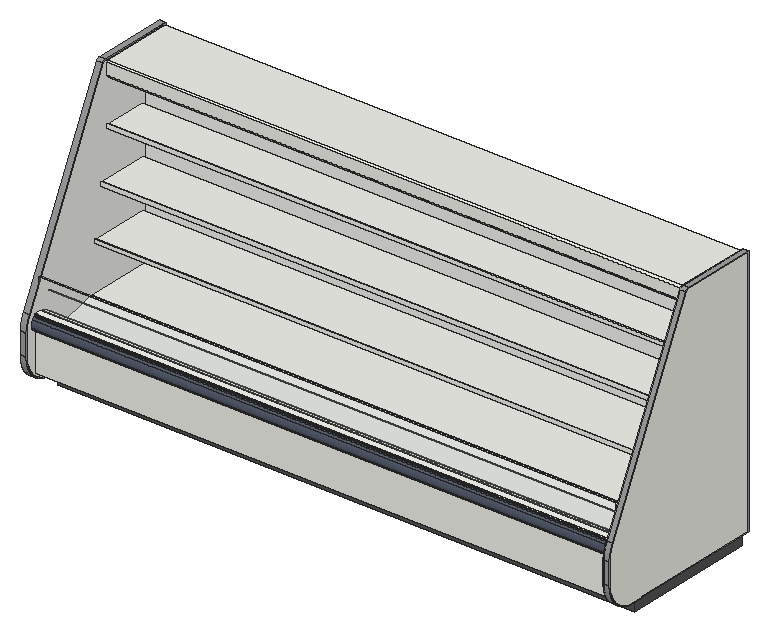
Revit family "C3X-LGE_2014", category Specialty Equipment, Revit 2014
Parameters (values of type "12'-0" Length")
  Width = 144 1/2"
  Waste Drain = 1 1/4"  # constant formula
  URL = "www.hussmann.com"
  Type Comments = "Excel"  # constant formula
  Trim = Stainless Steel
  Total Weight = Case Weight + (2 * End Weight)  # 1400.00 lbf
  Top Clearance = 3"  # constant formula
  Splashguard = Textured Sheet Metal (Steel Painted) - 701 Black
  Shelves = Sheet Metal (Steel Painted) - 700 Interior White
  Shelf Lights [instance] = yes
  Revit Family Date = "09/10/2015"  # constant formula
  Refrigeration Lines Suction = 7/8"  # constant formula
  Refrigeration Lines Liquid = 3/8"  # constant formula
  Refrig. Suction = "Suction"
  Refrig. Liquid = "Liquid"
  Number of Supports = if(Width < 50", 2, if(Width < 100", 3, 4))  # 4
  Number of Shelves = 3  # constant formula
  Note from Manufacturer = "This model only comes in 6'-0\", 8'-0\", and 12'-0\" lengths."
  Model URL = "http://www.hussmann.com/en/product%20viewer/display-cases/C3X"
  Model = "C3X-LE"  # constant formula
  Manufacturer Disclaimer = "The information in this file is not intended to be an exact representation of the corresponding Hussmann product.  Further, we reserve the right to change or revise specifications and product design in connection with any feature of our products. Such changes do not entitle the buyer to corresponding changes, improvements, additions, or replacements for equipment previously sold or shipped."  # constant formula
  Manufacturer = "Hussmann Corporation"  # constant formula
  Height = 66 3/8"  # constant formula
  Glazing = Glass
  Ends = Textured Sheet Metal (Steel Painted) - 149 White Satin Matte
  End Weight = 100.00 lbf  # constant formula
  Description = "Multi-Deck Convertible, Low Front, Glass Front Enegery Efficient Coil"  # constant formula
  Depth = 42"  # constant formula
  Cutsheet URL = "http://www.hussmann.com/en/Technical%20Documents/0477979_K_C3X-LGE.pdf"
  Close Off Panel = Textured Sheet Metal (Steel Painted) - 701 Black
  Clearance [instance] = yes
  Case Weight = if(Width = 72 3/8", 800.00 lbf, if(Width = 96 3/8", 1000.00 lbf, if(Width = 144 1/2", 1200.00 lbf, 0.00 lbf)))  # 1200.00 lbf
  Case Interior - Side Panel = Sheet Metal (Steel Painted) - 700 Interior White
  Case Interior - Back Panel = Sheet Metal (Steel Painted) - 700 Interior White
  Case = Textured Sheet Metal (Steel Painted) - 149 White Satin Matte
  Bumper = Extruded PVC - 739 Royal Blue
  Back Clearance = 3"  # constant formula
  Assembly Code = ""
  Accessories/Options = ""
Types (4): name | Width | Total Weight | Number of Supports | Case Weight
  (no name) | 144 1/2" | 1400.00 lbf | 4 | 1200.00 lbf
  8'-0" Length | 96 3/8" | 1200.00 lbf | 3 | 1000.00 lbf
  12'-0" Length | 144 1/2" | 1400.00 lbf | 4 | 1200.00 lbf
  6'-0" Length | 72 3/8" | 1000.00 lbf | 3 | 800.00 lbf
Reference planes (in)
  plane 1 "Back": y = 0
  plane 2 "Bottom": z = 0
  plane 3 "Top": z = 66.375
  plane 4 "Left": x = -77.30699
  plane 5 "Front": y = -42
  plane 6 "Center (Left/Right)": x = -5.05699
  plane 7: y = 3
  plane 8: x = -78.80699
  plane 9 "Right": x = 67.19301
  plane 10: x = 68.69301
  plane 11: z = 69.375
Forms (in)
  Extrusion 1, solid, material "Metal - Copper"
    sketch origin (63.0625, 1.04319, 0) x (1, 0, 0) y (0, 1, 0)
      loop
        arc (-7.99449, -32.16819) -> (-8.43643, -32.35125) -> (-8.61949, -32.79319) r 0.625
        arc (-8.61949, -32.79319) -> (-8.43643, -33.23513) -> (-7.99449, -33.41819) r 0.625
        arc (-7.99449, -33.41819) -> (-7.55254, -33.23513) -> (-7.36949, -32.79319) r 0.625
        arc (-7.36949, -32.79319) -> (-7.55254, -32.35125) -> (-7.99449, -32.16819) r 0.625
      loop
        circle (-7.99449, -32.79319) r 0.5852
    from 5.875 to 0
  Extrusion 2, solid, material "Metal - Copper"
    sketch origin (57.40105, 5, -0.375) x (1, 0, 0) y (0, 1, 0)
      loop
        circle (1.35446, -31.25) r 0.41359
      loop
        circle (1.35446, -31.25) r 0.4375
    from 6.294 to 0.375
  Extrusion 3, solid, material "Metal - Copper"
    sketch origin (59.82608, 5, -0.375) x (1, 0, 0) y (0, 1, 0)
      loop
        circle (-0.44557, -31.25) r 0.17188
      loop
        circle (-0.44557, -31.25) r 0.1875
    from 6.242 to 0.375
  Extrusion 4, solid, material "Metal - Copper"
    sketch origin (-56.6875, 1.04319, 0) x (1, 0, 0) y (0, 1, 0)
      loop
        arc (-8.49449, -32.16819) -> (-8.93643, -32.35125) -> (-9.11949, -32.79319) r 0.625
        arc (-9.11949, -32.79319) -> (-8.93643, -33.23513) -> (-8.49449, -33.41819) r 0.625
        arc (-8.49449, -33.41819) -> (-8.05254, -33.23513) -> (-7.86949, -32.79319) r 0.625
        arc (-7.86949, -32.79319) -> (-8.05254, -32.35125) -> (-8.49449, -32.16819) r 0.625
      loop
        circle (-8.49449, -32.79319) r 0.5852
    from 5.875 to 0
  Extrusion 5, solid, material "Textured Sheet Metal (Steel Painted) - 149 White Satin Matte" <- "Case"
    sketch origin (-77.30699, 0, 0) x (0, 1, 0) y (0, 0, 1)
      loop
        line (-6.41291, 63.99799) -> (-6.41291, 15.6156) -> (-22.1992, 14.06774)
        arc (-22.1992, 14.06774) -> (-23.62335, 13.54219) -> (-24.6079, 12.38674) r 3
        arc (-24.6079, 12.38674) -> (-26.93872, 10.76009) -> (-29.5411, 11.90304) r 2.903
        arc (-29.5411, 11.90304) -> (-30.73132, 12.84525) -> (-32.23043, 13.08417) r 3
        line (-32.23043, 13.08417) -> (-38.528, 12.46669) -> (-38.528, 12.9145) -> (-39.528, 12.9145) -> (-39.528, 16.242) -> (-38.68425, 16.242) -> (-38.68425, 16.6795) -> (-36.718, 16.6795) -> (-36.718, 18.43138) -> (-38.07441, 19.21451) -> (-38.807, 19.21451) -> (-38.807, 17.4396) -> (-39.407, 17.4396) -> (-39.407, 19.54854) -> (-40.66275, 19.26992) -> (-40.70798, 19.29789)
        arc (-40.70798, 19.29789) -> (-40.80477, 19.24567) -> (-40.89834, 19.18789) r 1.88204
        arc (-40.89834, 19.18789) -> (-40.92146, 19.16263) -> (-40.92983, 19.12943) r 0.07
        line (-40.92983, 19.12943) -> (-40.92983, 18.94604) -> (-40.64, 18.94604) -> (-40.64, 5.88809) -> (-39.95314, 5.88809)
        arc (-39.95314, 5.88809) -> (-39.91157, 5.91209) -> (-39.91157, 5.96009) r 0.048
        line (-39.91157, 5.96009) -> (-40.0575, 6.21285) -> (-40.08608, 6.19635) -> (-39.94015, 5.94359)
        arc (-39.94015, 5.94359) -> (-39.94015, 5.92859) -> (-39.95314, 5.92109) r 0.015
        line (-39.95314, 5.92109) -> (-40.265, 5.92109) -> (-40.265, 9.36878) -> (-33.66077, 5.867) -> (-6.88924, 5.867) -> (0, 9.5199) -> (0, 66.25) -> (-18.13415, 66.25) -> (-18.49988, 65.88427) -> (-18.49988, 63.14171) -> (-17.91821, 62.44851)
        arc (-17.91821, 62.44851) -> (-17.88563, 62.43154) -> (-17.85059, 62.44259) r 0.048
        line (-17.85059, 62.44259) -> (-17.38988, 62.82917) -> (-17.38988, 63.37299) -> (-16.31487, 63.37299) -> (-16.31487, 63.99799) -> (-6.41291, 63.99799)
    from 0 to 144.5 <- "Width"
  Extrusion 6, solid, material "Sheet Metal (Steel Painted) - 700 Interior White" <- "Shelves"
    sketch origin (-77.30699, 0, 0) x (0, 1, 0) y (0, 0, 1)
      loop
        line (-6.44416, 15.68905) -> (-6.44416, 15.74905) -> (-23.23889, 15.74905) -> (-35.10513, 13.00951)
        arc (-35.10513, 13.00951) -> (-35.38205, 13.06219) -> (-35.54404, 13.29288) r 0.375
        arc (-35.54404, 13.29288) -> (-35.69396, 13.38655) -> (-35.78763, 13.23664) r 0.125
        arc (-35.78763, 13.23664) -> (-35.832, 12.95845) -> (-36.05753, 12.78965) r 0.375
        line (-36.05753, 12.78965) -> (-36.05753, 12.73865) -> (-36.0109, 12.73865) -> (-35.0808, 12.95338) -> (-23.23133, 15.68905) -> (-6.44416, 15.68905)
    from 0 to 144.5 <- "Width"
  Extrusion 7, solid, material "Textured Sheet Metal (Steel Painted) - 701 Black" <- "Splashguard"
    sketch origin (-77.30699, 0, 0) x (0, 1, 0) y (0, 0, 1)
      loop
        line (-33.00007, 0.47056) -> (-33.00007, 5.867) -> (-33.50007, 5.867) -> (-33.50007, 0) -> (-32.81499, 0)
        arc (-32.81499, 0) -> (-32.77169, 0.025) -> (-32.77169, 0.075) r 0.05
        line (-32.77169, 0.075) -> (-33.00007, 0.47056)
    from 0 to 144.5 <- "Width"
  Extrusion 8, solid, material "Extruded PVC - 739 Royal Blue" <- "Bumper"
    sketch origin (-77.30699, 0, -4) x (0, 1, 0) y (0, 0, 1)
      loop
        arc (-40.95605, 22.94604) -> (-41.12515, 22.91418) -> (-41.28727, 22.85648) r 1.10652
        arc (-41.28727, 22.85648) -> (-41.57306, 22.66227) -> (-41.77374, 22.38099) r 0.98053
        arc (-41.77374, 22.38099) -> (-42.00015, 21.37458) -> (-41.77374, 20.36818) r 2.35
        arc (-41.77374, 20.36818) -> (-41.57306, 20.08689) -> (-41.28727, 19.89268) r 0.98053
        line (-41.28727, 19.89268) -> (-41.09351, 19.80566)
        arc (-41.09351, 19.80566) -> (-40.98843, 19.79297) -> (-40.89472, 19.84218) r 0.178
        line (-40.89472, 19.84218) -> (-40.64, 20.09689) -> (-40.64, 22.94604) -> (-40.95605, 22.94604)
    from 0 to 144.5 <- "Width"
  Extrusion 9, solid, material "Sheet Metal (Steel Painted) - 700 Interior White" <- "Case Interior - Back Panel"
    sketch origin (-77.30699, 0, 0) x (0, 1, 0) y (0, 0, 1)
      loop
        line (-6.41291, 63.99799) -> (-6.44416, 63.99799) -> (-6.44416, 34.99696) -> (-6.44416, 15.74905) -> (-6.41291, 15.74905) -> (-6.41291, 22.78713) -> (-6.41291, 63.99799)
    from 0 to 144.5 <- "Width"
  Extrusion 10, solid, material "Textured Sheet Metal (Steel Painted) - 701 Black" <- "Splashguard"
    sketch origin (0, -42, 0) x (0, 0, 1) y (1, 0, 0)
      loop
        line (0.47056, 66.69301) -> (5.867, 66.69301) -> (5.867, 67.19301) -> (0, 67.19301) -> (0, 66.50794)
        arc (0, 66.50794) -> (0.025, 66.46464) -> (0.075, 66.46464) r 0.05
        line (0.075, 66.46464) -> (0.47056, 66.69301)
    from 8.99993 to 42
  Extrusion 11, solid, material "Textured Sheet Metal (Steel Painted) - 701 Black" <- "Splashguard"
    sketch origin (-118.61397, -42, 0) x (0, 0, 1) y (1, 0, 0)
      loop
        line (0.47056, 41.80699) -> (0.075, 42.03536)
        arc (0.075, 42.03536) -> (0.025, 42.03536) -> (0, 41.99206) r 0.05
        line (0, 41.99206) -> (0, 41.30699) -> (5.867, 41.30699) -> (5.867, 41.80699) -> (0.47056, 41.80699)
    from 8.99993 to 42
  Extrusion 12, solid, material "Glass" <- "Glazing"
    sketch origin (-77.30699, -4.898, 0) x (0, 1, 0) y (0, 0, 1)
      loop
        line (-34.509, 17.4396) -> (-33.909, 17.4396) -> (-33.909, 26.87442) -> (-34.509, 26.87442) -> (-34.509, 17.4396)
      loop
        line (-31.82, 16.63209) -> (-31.57, 16.63209) -> (-31.57, 22.88209) -> (-31.82, 22.88209) -> (-31.82, 16.63209)
    from 0 to 144.5 <- "Width"
  Extrusion 13, solid, material "Stainless Steel" <- "Trim"
    sketch origin (-77.30699, 0, 0) x (0, 1, 0) y (0, 0, 1)
      loop
        line (-19.33168, 66.02607) -> (-42.21776, 19.66836)
        arc (-42.21776, 19.66836) -> (-43.01031, 17.88826) -> (-43.2815, 15.95866) r 7.0005
        line (-43.2815, 15.95866) -> (-43.2815, 10.56747)
        arc (-43.2815, 10.56747) -> (-41.2311, 5.61737) -> (-36.281, 3.56697) r 7.0005
        line (-36.281, 3.56697) -> (-33.281, 3.56697) -> (-33.281, 3.70447) -> (-0.05, 3.70447) -> (-0.05, 3.75447) -> (0, 3.75447) -> (0, 66.49615) -> (-18.48363, 66.49615)
        arc (-18.48363, 66.49615) -> (-18.96844, 66.37077) -> (-19.33168, 66.02607) r 1
      loop
        line (-33.156, 3.44197) -> (-33.156, 3.57947) -> (0.125, 3.57947) -> (0.125, 66.62115) -> (-18.48363, 66.62115)
        arc (-18.48363, 66.62115) -> (-19.03186, 66.47853) -> (-19.44108, 66.08684) r 1.125
        line (-19.44108, 66.08684) -> (-42.32709, 19.72928)
        arc (-42.32709, 19.72928) -> (-43.13133, 17.9197) -> (-43.4065, 15.95866) r 7.1255
        line (-43.4065, 15.95866) -> (-43.4065, 10.56747)
        arc (-43.4065, 10.56747) -> (-41.31949, 5.52898) -> (-36.281, 3.44197) r 7.1255
        line (-36.281, 3.44197) -> (-33.156, 3.44197)
    from -1.5 to 0
  Extrusion 14, solid, material "Textured Sheet Metal (Steel Painted) - 149 White Satin Matte" <- "Ends"
    sketch origin (-77.30699, 0, 0) x (0, 1, 0) y (0, 0, 1)
      loop
        arc (-42.21776, 19.66836) -> (-43.01031, 17.88826) -> (-43.2815, 15.95866) r 7.0005
        line (-43.2815, 15.95866) -> (-43.2815, 10.56747)
        arc (-43.2815, 10.56747) -> (-41.2311, 5.61737) -> (-36.281, 3.56697) r 7.0005
        line (-36.281, 3.56697) -> (-33.281, 3.56697) -> (-33.281, 3.70447) -> (-0.05, 3.70447) -> (-0.05, 3.75447) -> (0, 3.75447) -> (0, 66.49615) -> (-18.48363, 66.49615)
        arc (-18.48363, 66.49615) -> (-18.96844, 66.37077) -> (-19.33168, 66.02607) r 1
        line (-19.33168, 66.02607) -> (-42.21776, 19.66836)
    from -1.5 to -0.03125
  Extrusion 15, solid, material "Sheet Metal (Steel Painted) - 700 Interior White" <- "Case Interior - Side Panel"
    sketch origin (-77.30699, 0, 0) x (0, 1, 0) y (0, 0, 1)
      loop
        arc (-18.48363, 66.49615) -> (-18.96844, 66.37077) -> (-19.33168, 66.02607) r 1
        line (-19.33168, 66.02607) -> (-42.21776, 19.66836)
        arc (-42.21776, 19.66836) -> (-43.01031, 17.88826) -> (-43.2815, 15.95866) r 7.0005
        line (-43.2815, 15.95866) -> (-43.2815, 10.56747)
        arc (-43.2815, 10.56747) -> (-41.2311, 5.61737) -> (-36.281, 3.56697) r 7.0005
        line (-36.281, 3.56697) -> (-33.281, 3.56697) -> (-33.281, 3.70447) -> (-0.05, 3.70447) -> (-0.05, 3.75447) -> (0, 3.75447) -> (0, 66.49615) -> (-18.48363, 66.49615)
    from -0.03125 to 0
  Extrusion 16, solid, material "Stainless Steel" <- "Trim"
    sketch origin (67.19301, 0, 0) x (0, 1, 0) y (0, 0, -1)
      loop
        arc (-19.33168, -66.02607) -> (-18.96844, -66.37077) -> (-18.48363, -66.49615) r 1
        line (-18.48363, -66.49615) -> (0, -66.49615) -> (0, -3.75447) -> (-0.05, -3.75447) -> (-0.05, -3.70447) -> (-33.281, -3.70447) -> (-33.281, -3.56697) -> (-36.281, -3.56697)
        arc (-36.281, -3.56697) -> (-41.2311, -5.61737) -> (-43.2815, -10.56747) r 7.0005
        line (-43.2815, -10.56747) -> (-43.2815, -15.95866)
        arc (-43.2815, -15.95866) -> (-43.01031, -17.88826) -> (-42.21776, -19.66836) r 7.0005
        line (-42.21776, -19.66836) -> (-19.33168, -66.02607)
      loop
        line (-33.156, -3.44197) -> (-36.281, -3.44197)
        arc (-36.281, -3.44197) -> (-41.31949, -5.52898) -> (-43.4065, -10.56747) r 7.1255
        line (-43.4065, -10.56747) -> (-43.4065, -15.95866)
        arc (-43.4065, -15.95866) -> (-43.13133, -17.9197) -> (-42.32709, -19.72928) r 7.1255
        line (-42.32709, -19.72928) -> (-19.44108, -66.08684)
        arc (-19.44108, -66.08684) -> (-19.03186, -66.47853) -> (-18.48363, -66.62115) r 1.125
        line (-18.48363, -66.62115) -> (0.125, -66.62115) -> (0.125, -3.57947) -> (-33.156, -3.57947) -> (-33.156, -3.44197)
    from -1.5 to 0
  Extrusion 17, solid, material "Textured Sheet Metal (Steel Painted) - 149 White Satin Matte" <- "Ends"
    sketch origin (67.19301, 0, 0) x (0, 1, 0) y (0, 0, -1)
      loop
        line (-42.21776, -19.66836) -> (-19.33168, -66.02607)
        arc (-19.33168, -66.02607) -> (-18.96844, -66.37077) -> (-18.48363, -66.49615) r 1
        line (-18.48363, -66.49615) -> (0, -66.49615) -> (0, -3.75447) -> (-0.05, -3.75447) -> (-0.05, -3.70447) -> (-33.281, -3.70447) -> (-33.281, -3.56697) -> (-36.281, -3.56697)
        arc (-36.281, -3.56697) -> (-41.2311, -5.61737) -> (-43.2815, -10.56747) r 7.0005
        line (-43.2815, -10.56747) -> (-43.2815, -15.95866)
        arc (-43.2815, -15.95866) -> (-43.01031, -17.88826) -> (-42.21776, -19.66836) r 7.0005
    from -1.5 to -0.03125
  Extrusion 18, solid, material "Sheet Metal (Steel Painted) - 700 Interior White" <- "Case Interior - Side Panel"
    sketch origin (67.19301, 0, 0) x (0, 1, 0) y (0, 0, -1)
      loop
        line (-18.48363, -66.49615) -> (0, -66.49615) -> (0, -3.75447) -> (-0.05, -3.75447) -> (-0.05, -3.70447) -> (-33.281, -3.70447) -> (-33.281, -3.56697) -> (-36.281, -3.56697)
        arc (-36.281, -3.56697) -> (-41.2311, -5.61737) -> (-43.2815, -10.56747) r 7.0005
        line (-43.2815, -10.56747) -> (-43.2815, -15.95866)
        arc (-43.2815, -15.95866) -> (-43.01031, -17.88826) -> (-42.21776, -19.66836) r 7.0005
        line (-42.21776, -19.66836) -> (-19.33168, -66.02607)
        arc (-19.33168, -66.02607) -> (-18.96844, -66.37077) -> (-18.48363, -66.49615) r 1
    from -0.03125 to 0
Cuts and joins
  joined: Extrusion 7, Extrusion 10, Extrusion 11
Lines and regions (in)
  reference lines
    curve 1: line (-74.93199, -42, 0) -> (-74.93199, 0, 0)
    curve 2: line (-65.18199, -42, 0) -> (-65.18199, 0, 0)
    curve 3: line (55.06801, -42, 0) -> (55.06801, 0, 0)
    curve 4: line (64.81801, -42, 0) -> (64.81801, 0, 0)
    curve 5: line (59.19301, -42, 0) -> (59.19301, 0, 0)
    curve 6: line (-77.30699, -31.75, 0) -> (67.19301, -31.75, 0)
    curve 7: line (67.19301, -26.25, 0) -> (-77.30699, -26.25, 0)
  symbolic lines, style "Speciality Equipment-Dashed", visible <- "Clearance"
    curve 8: line (-78.80699, 0.125, 0) -> (-78.80699, 3, 0)
    curve 9: line (-78.80699, 3, 0) -> (68.69301, 3, 0)
    curve 10: line (68.69301, 3, 0) -> (68.69301, -0.05, 0)
Dimensions and locks (in)
  equal spacing: plane 4 "Left", plane 6 "Center (Left/Right)", plane 9 "Right"
  locked: plane 8 to plane 4 "Left" at 1.5
  "Width": plane 4 "Left" to plane 9 "Right"
  locked: plane 4 "Left" to curve 1 at 2.375
  locked: plane 4 "Left" to curve 2 at 12.125
  locked: curve 4 to plane 9 "Right" at 2.375
  locked: curve 3 to plane 9 "Right" at 12.125
  "Depth": plane 5 "Front" to plane 1 "Back"
  "Back Clearance": plane 1 "Back" to plane 7
  locked: curve 5 to plane 9 "Right" at 8
  "Height": plane 3 "Top" to level
  locked: plane 1 "Back" to curve 6 at 31.75
  locked: plane 1 "Back" to curve 7 at 26.25
  locked: plane 9 "Right" to plane 10 at 1.5
  "Top Clearance": plane 11 to plane 3 "Top"
  locked: Extrusion 4 sketch curve to Extrusion 4 sketch curve at 0.0398
  locked: Extrusion 1 sketch curve to Extrusion 1 sketch curve at 0.0398
  locked: Extrusion 3 sketch curve to Extrusion 3 sketch curve at 0.01562
  locked: Extrusion 2 sketch curve to Extrusion 2 sketch curve at 0.02391
  equal spacing: group 1, group 3, group 4, group 2  (x3)
  locked: nested 1 to plane 5 "Front" at 11.75
  locked: nested 2 to plane 5 "Front" at 11.75
  locked: Extrusion 7 to Extrusion 10 sketch curve at 0.5
  locked: Extrusion 11 sketch curve to Extrusion 11 sketch curve at 0.5
  locked: plane 9 "Right" to Extrusion 18 at 0.03125
  "Waste Drain": diameter of Extrusion 4 sketch curve
  "Waste Drain": diameter of Extrusion 1 sketch curve
  "Refrigeration Lines Liquid": diameter of Extrusion 3 sketch curve
  "Refrigeration Lines Suction": diameter of Extrusion 2 sketch curve
  aligned and locked: plane 5 "Front" to curve 3
  aligned and locked: plane 5 "Front" to curve 4
  aligned and locked: plane 5 "Front" to curve 2
  aligned and locked: plane 5 "Front" to curve 1
  aligned and locked: plane 4 "Left" to curve 6
  aligned and locked: plane 4 "Left" to curve 7
  aligned and locked: plane 9 "Right" to curve 7
  aligned and locked: plane 9 "Right" to curve 6
  aligned and locked: Extrusion 2 to level
  aligned and locked: Extrusion 3 to level
  aligned and locked: curve 7 to Extrusion 3 sketch curve  (x4)
  aligned and locked: curve 7 to Extrusion 2 sketch curve  (x4)
  aligned and locked: curve 6 to Extrusion 1 sketch curve  (x3)
  aligned and locked: curve 6 to Extrusion 4 sketch curve
  aligned and locked: curve 2 to Extrusion 4 sketch curve
  aligned and locked: curve 3 to Extrusion 1 sketch curve
  aligned and locked: curve 5 to Extrusion 3 sketch curve
  aligned and locked: curve 5 to Extrusion 2 sketch curve
  aligned and locked: curve 1 to nested 1
  aligned and locked: curve 4 to nested 2
  aligned and locked: plane 4 "Left" to nested 4
  aligned and locked: plane 4 "Left" to nested 3
  aligned and locked: plane 9 "Right" to Extrusion 10
  aligned and locked: Extrusion 11 to plane 4 "Left"
  aligned and locked: Extrusion 11 to Extrusion 7
  aligned and locked: Extrusion 10 to Extrusion 7
  aligned and locked: plane 4 "Left" to nested 8
  aligned and locked: plane 4 "Left" to nested 7
  aligned and locked: plane 4 "Left" to nested 6
  aligned and locked: plane 4 "Left" to nested 9
  aligned and locked: plane 10 to curve 10
  aligned and locked: curve 8 to plane 8
  aligned and locked: plane 8 to curve 9
  aligned and locked: Extrusion 12 to plane 4 "Left"
  aligned and locked: Extrusion 14 sketch curve to Extrusion 13  (x10)
  aligned and locked: Extrusion 15 sketch curve to Extrusion 13  (x10)
  aligned and locked: Extrusion 16 to Extrusion 17 sketch curve  (x4)
  aligned and locked: Extrusion 17 sketch curve to Extrusion 16  (x6)
  aligned and locked: Extrusion 16 to Extrusion 18 sketch curve  (x4)
  aligned and locked: Extrusion 18 sketch curve to Extrusion 16  (x6)
  aligned and locked: plane 10 to Extrusion 16
  aligned and locked: Extrusion 16 to plane 9 "Right"
  aligned and locked: Extrusion 18 to plane 9 "Right"
  aligned and locked: plane 10 to Extrusion 17
  aligned and locked: Extrusion 16 to Extrusion 17
  aligned and locked: Extrusion 17 to Extrusion 18
  aligned and locked: plane 4 "Left" to nested 11
Automatic sketch dimensions
  curve 9 to plane 7 = 0"
  curve 8 to plane 1 "Back" = 1/8"
  plane 1 "Back" to curve 10 = 0.05"
  curve 5 to plane 5 "Front" = 0"
  plane 1 "Back" to curve 3 = 0"
  plane 1 "Back" to curve 2 = 0"
  plane 1 "Back" to curve 1 = 0"
  plane 1 "Back" to curve 4 = 0"
  plane 1 "Back" to curve 5 = 0"
  Extrusion 5 sketch curve to Extrusion 5 sketch curve = 0"  (x3)
  Extrusion 5 sketch curve to plane 1 "Back" = 0"
  plane 3 "Top" to Extrusion 5 sketch curve = 2.37701"
  plane 1 "Back" to Extrusion 5 sketch curve = 6.41291"
  plane 1 "Back" to Extrusion 5 sketch curve = 6.88924"
  Extrusion 5 sketch curve to Extrusion 5 sketch curve = 9.90196"
  Extrusion 5 sketch curve to Extrusion 5 sketch curve = 1.07501"
  plane 3 "Top" to Extrusion 5 sketch curve = 3.93241"
  Extrusion 5 sketch curve to Extrusion 5 sketch curve = 0.46071"
  Extrusion 5 sketch curve to Extrusion 5 sketch curve = 0.03085"
  plane 3 "Top" to Extrusion 5 sketch curve = 3.92649"
  Extrusion 5 sketch curve to Extrusion 5 sketch curve = 0.03677"
  plane 3 "Top" to Extrusion 5 sketch curve = 1/8"
  Extrusion 5 sketch curve to Extrusion 5 sketch curve = 1.81928"
  plane 3 "Top" to Extrusion 5 sketch curve = 3.23329"
  Extrusion 5 sketch curve to Extrusion 5 sketch curve = 0.58167"
  Extrusion 5 sketch curve to Extrusion 5 sketch curve = 15.01722"
  Extrusion 5 sketch curve to Extrusion 5 sketch curve = 0.29275"  (x2)
  Extrusion 5 sketch curve to Extrusion 5 sketch curve = 5.0228"
  Extrusion 5 sketch curve to Extrusion 5 sketch curve = 4.71568"
  Extrusion 5 sketch curve to Extrusion 5 sketch curve = 1.72309"
  plane 5 "Front" to Extrusion 5 sketch curve = 5.282"
  Extrusion 5 sketch curve to Extrusion 5 sketch curve = 1.35641"
  plane 5 "Front" to Extrusion 5 sketch curve = 3.472"
  Extrusion 5 sketch curve to Extrusion 5 sketch curve = 1.96625"
  Extrusion 5 sketch curve to Extrusion 5 sketch curve = 0.73259"
  Extrusion 5 sketch curve to Extrusion 5 sketch curve = 0.6"
  Extrusion 5 sketch curve to Extrusion 5 sketch curve = 27/32"
  Extrusion 5 sketch curve to Extrusion 5 sketch curve = 0.45613"
  plane 5 "Front" to Extrusion 5 sketch curve = 2.08843"
  Extrusion 5 sketch curve to Extrusion 5 sketch curve = 0.02858"  (x2)
  Extrusion 5 sketch curve to Extrusion 5 sketch curve = 0.01299"
  Extrusion 5 sketch curve to Extrusion 5 sketch curve = 0.14593"
  Extrusion 5 sketch curve to Extrusion 5 sketch curve = 0.31186"
  plane 5 "Front" to Extrusion 5 sketch curve = 1.36"
  Extrusion 5 sketch curve to Extrusion 5 sketch curve = 0.02275"
  Extrusion 5 sketch curve to Extrusion 5 sketch curve = 0.04523"
  Extrusion 5 sketch curve to Extrusion 5 sketch curve = 0.15185"
  Extrusion 5 sketch curve to Extrusion 5 sketch curve = 0.07"
  level to Extrusion 5 sketch curve = 19.54854"
  Extrusion 5 sketch curve to Extrusion 5 sketch curve = 0.25065"
  Extrusion 5 sketch curve to Extrusion 5 sketch curve = 0.02797"
  Extrusion 5 sketch curve to Extrusion 5 sketch curve = 0.33403"
  Extrusion 5 sketch curve to Extrusion 5 sketch curve = 0.16846"
  Extrusion 5 sketch curve to Extrusion 5 sketch curve = 0.18339"
  Extrusion 5 sketch curve to Extrusion 5 sketch curve = 0.78312"
  Extrusion 5 sketch curve to Extrusion 5 sketch curve = 1.32991"
  Extrusion 5 sketch curve to Extrusion 5 sketch curve = 0.17654"
  Extrusion 5 sketch curve to Extrusion 5 sketch curve = 0.7601"
  Extrusion 5 sketch curve to Extrusion 5 sketch curve = 7/16"
  level to Extrusion 5 sketch curve = 15.6156"
  level to Extrusion 5 sketch curve = 14.06774"
  Extrusion 5 sketch curve to Extrusion 5 sketch curve = 0.41851"
  Extrusion 5 sketch curve to Extrusion 5 sketch curve = 0.56506"
  Extrusion 5 sketch curve to Extrusion 5 sketch curve = 3.3275"
  Extrusion 5 sketch curve to Extrusion 5 sketch curve = 0.44781"
  Extrusion 5 sketch curve to Extrusion 5 sketch curve = 2.98568"  (x2)
  Extrusion 5 sketch curve to Extrusion 5 sketch curve = 6.0957"
  Extrusion 5 sketch curve to Extrusion 5 sketch curve = 3.09791"
  Extrusion 5 sketch curve to Extrusion 5 sketch curve = 3.15593"
  Extrusion 5 sketch curve to Extrusion 5 sketch curve = 0.0165"
  Extrusion 5 sketch curve to Extrusion 5 sketch curve = 0.0075"
  Extrusion 5 sketch curve to Extrusion 5 sketch curve = 4.23149"
  Extrusion 5 sketch curve to Extrusion 5 sketch curve = 0.38658"
  Extrusion 5 sketch curve to Extrusion 5 sketch curve = 5/8"
  plane 3 "Top" to Extrusion 5 sketch curve = 0.49073"
  plane 5 "Front" to Extrusion 6 sketch curve = 5.84698"
  Extrusion 6 sketch curve to Extrusion 6 sketch curve = 0.09549"
  Extrusion 6 sketch curve to Extrusion 6 sketch curve = 0.04662"
  Extrusion 6 sketch curve to Extrusion 6 sketch curve = 0.48719"  (x2)
  Extrusion 6 sketch curve to Extrusion 6 sketch curve = 0.09785"
  Extrusion 6 sketch curve to Extrusion 6 sketch curve = 11.84191"
  Extrusion 6 sketch curve to Extrusion 6 sketch curve = 0.00756"
  plane 1 "Back" to Extrusion 6 sketch curve = 6.44416"
  level to Extrusion 6 sketch curve = 12.73865"
  Extrusion 6 sketch curve to Extrusion 6 sketch curve = 0.05099"
  Extrusion 6 sketch curve to Extrusion 6 sketch curve = 0.21473"
  Extrusion 6 sketch curve to Extrusion 6 sketch curve = 0.36264"
  Extrusion 6 sketch curve to Extrusion 6 sketch curve = 0.11248"
  Extrusion 6 sketch curve to Extrusion 6 sketch curve = 0.42385"
  Extrusion 6 sketch curve to Extrusion 6 sketch curve = 2.73567"
  Extrusion 6 sketch curve to Extrusion 6 sketch curve = 0.06"
  Extrusion 6 sketch curve to Extrusion 6 sketch curve = 0"  (x2)
  Extrusion 6 sketch curve to Extrusion 6 sketch curve = 0.02433"
  Extrusion 7 sketch curve to level = 0"
  plane 5 "Front" to Extrusion 7 sketch curve = 8.49993"
  Extrusion 7 sketch curve to Extrusion 7 sketch curve = 1/2"
  level to Extrusion 7 sketch curve = 0.05"
  Extrusion 7 sketch curve to Extrusion 7 sketch curve = 0.18507"
  level to Extrusion 7 sketch curve = 0.075"
  Extrusion 7 sketch curve to Extrusion 7 sketch curve = 0.39556"
  Extrusion 7 sketch curve to Extrusion 7 sketch curve = 5.39644"
  plane 5 "Front" to Extrusion 8 sketch curve = 0.71273"
  Extrusion 8 sketch curve to Extrusion 8 sketch curve = 0.19377"
  Extrusion 8 sketch curve to Extrusion 8 sketch curve = 0.07292"
  plane 5 "Front" to Extrusion 8 sketch curve = 1.04395"
  Extrusion 8 sketch curve to Extrusion 8 sketch curve = 0.12587"
  Extrusion 8 sketch curve to Extrusion 8 sketch curve = 0.06837"
  Extrusion 8 sketch curve to Extrusion 8 sketch curve = 0.1329"
  Extrusion 8 sketch curve to Extrusion 8 sketch curve = 0.05134"
  Extrusion 8 sketch curve to Extrusion 8 sketch curve = 0.31605"
  Extrusion 8 sketch curve to Extrusion 8 sketch curve = 1.18619"
  level to Extrusion 8 sketch curve = 15.80566"
  Extrusion 8 sketch curve to Extrusion 8 sketch curve = 0.03651"
  Extrusion 8 sketch curve to Extrusion 8 sketch curve = 0.08702"
  Extrusion 8 sketch curve to Extrusion 8 sketch curve = 0.25472"
  Extrusion 8 sketch curve to Extrusion 8 sketch curve = 0.6912"
  Extrusion 8 sketch curve to Extrusion 8 sketch curve = 0.58649"
  Extrusion 8 sketch curve to Extrusion 8 sketch curve = 1.05792"
  Extrusion 8 sketch curve to Extrusion 8 sketch curve = 0.11505"
  Extrusion 8 sketch curve to Extrusion 8 sketch curve = 0.98497"
  Extrusion 8 sketch curve to Extrusion 8 sketch curve = 0"  (x2)
  plane 1 "Back" to Extrusion 9 sketch curve = 6.44416"
  plane 1 "Back" to Extrusion 9 sketch curve = 6.41291"
  level to Extrusion 9 sketch curve = 15.74905"
  Extrusion 9 sketch curve to Extrusion 9 sketch curve = 7.03808"
  Extrusion 9 sketch curve to Extrusion 9 sketch curve = 12.20982"
  plane 3 "Top" to Extrusion 9 sketch curve = 2.37701"
  Extrusion 10 sketch curve to level = 0"
  Extrusion 10 sketch curve to plane 9 "Right" = 0"
  Extrusion 10 sketch curve to Extrusion 10 sketch curve = 0.05"
  Extrusion 10 sketch curve to Extrusion 10 sketch curve = 0.025"
  Extrusion 10 sketch curve to Extrusion 10 sketch curve = 0.39556"
  Extrusion 10 sketch curve to Extrusion 10 sketch curve = 5.39644"
  Extrusion 10 sketch curve to Extrusion 10 sketch curve = 0.18507"
  Extrusion 11 sketch curve to level = 0"
  Extrusion 11 sketch curve to plane 4 "Left" = 0"
  Extrusion 11 sketch curve to level = 0.05"
  Extrusion 11 sketch curve to Extrusion 11 sketch curve = 0.025"
  Extrusion 11 sketch curve to Extrusion 11 sketch curve = 0.39556"
  Extrusion 11 sketch curve to Extrusion 11 sketch curve = 5.39644"
  Extrusion 11 sketch curve to Extrusion 11 sketch curve = 0.18507"
  plane 5 "Front" to Extrusion 12 sketch curve = 2.593"
  Extrusion 12 sketch curve to Extrusion 12 sketch curve = 0.6"
  Extrusion 12 sketch curve to Extrusion 12 sketch curve = 2.089"
  Extrusion 12 sketch curve to Extrusion 12 sketch curve = 1/4"
  level to Extrusion 12 sketch curve = 16.63209"
  Extrusion 12 sketch curve to Extrusion 12 sketch curve = 0.80751"
  Extrusion 12 sketch curve to Extrusion 12 sketch curve = 5.44249"
  Extrusion 12 sketch curve to Extrusion 12 sketch curve = 3.99233"
  Extrusion 13 sketch curve to Extrusion 13 sketch curve = 0"  (x7)
  Extrusion 13 sketch curve to plane 1 "Back" = 0"
  plane 1 "Back" to Extrusion 13 sketch curve = 0.05"
  plane 3 "Top" to Extrusion 13 sketch curve = 0.87885"
  plane 1 "Back" to Extrusion 13 sketch curve = 18.48363"
  plane 3 "Top" to Extrusion 13 sketch curve = 0.34893"
  Extrusion 13 sketch curve to Extrusion 13 sketch curve = 0.84805"
  plane 3 "Top" to Extrusion 13 sketch curve = 0.28816"
  Extrusion 13 sketch curve to Extrusion 13 sketch curve = 0.1094"
  level to Extrusion 13 sketch curve = 3.44197"
  plane 5 "Front" to Extrusion 13 sketch curve = 8.844"
  Extrusion 13 sketch curve to Extrusion 13 sketch curve = 1/8"  (x3)
  Extrusion 13 sketch curve to Extrusion 13 sketch curve = 3"
  Extrusion 13 sketch curve to plane 5 "Front" = 0.21776"
  Extrusion 13 sketch curve to Extrusion 13 sketch curve = 0.10933"
  Extrusion 13 sketch curve to plane 5 "Front" = 1.2815"
  Extrusion 13 sketch curve to plane 1 "Back" = 1/8"
  Extrusion 13 sketch curve to Extrusion 13 sketch curve = 0.0125"
  Extrusion 13 sketch curve to Extrusion 13 sketch curve = 0.05"
  Extrusion 13 sketch curve to Extrusion 13 sketch curve = 5.39119"
  Extrusion 16 sketch curve to Extrusion 16 sketch curve = 0"  (x7)
  Extrusion 16 sketch curve to plane 1 "Back" = 0"
  plane 1 "Back" to Extrusion 16 sketch curve = 0.05"
  plane 3 "Top" to Extrusion 16 sketch curve = 0.87885"
  plane 1 "Back" to Extrusion 16 sketch curve = 18.48363"
  plane 3 "Top" to Extrusion 16 sketch curve = 0.34893"
  Extrusion 16 sketch curve to Extrusion 16 sketch curve = 0.84805"
  plane 3 "Top" to Extrusion 16 sketch curve = 0.28816"
  Extrusion 16 sketch curve to Extrusion 16 sketch curve = 0.1094"
  level to Extrusion 16 sketch curve = 3.44197"
  plane 5 "Front" to Extrusion 16 sketch curve = 8.844"
  Extrusion 16 sketch curve to Extrusion 16 sketch curve = 1/8"  (x3)
  Extrusion 16 sketch curve to Extrusion 16 sketch curve = 3"
  Extrusion 16 sketch curve to plane 5 "Front" = 0.21776"
  Extrusion 16 sketch curve to Extrusion 16 sketch curve = 0.10933"
  Extrusion 16 sketch curve to plane 5 "Front" = 1.2815"
  Extrusion 16 sketch curve to plane 1 "Back" = 1/8"
  Extrusion 16 sketch curve to Extrusion 16 sketch curve = 9.1618"
  level to Extrusion 16 sketch curve = 3.75447"
  Extrusion 16 sketch curve to Extrusion 16 sketch curve = 0.05"
  Extrusion 1 sketch curve to Extrusion 1 sketch curve = 0"  (x2)
  Extrusion 2 sketch curve to Extrusion 2 sketch curve = 0"
  Extrusion 3 sketch curve to Extrusion 3 sketch curve = 0"
  Extrusion 4 sketch curve to Extrusion 4 sketch curve = 0"  (x3)
Nested families (in)
  nested 1: "Floor Support" at (-74.3125, -4.75, 0), type "Floor Support"
  nested 2: "Floor Support" at (65.4375, -4.75, 0), type "Floor Support"
  nested 3: "Shelf" at (0, -6.41291, 23.01629), type "Shelf 16""
    with Width 144 1/2", Depth 16"
  nested 4: "Shelf" at (0, -6.44416, 47.17076), type "Shelf 12""
    with Width 144 1/2", Depth 12"
  nested 5: "Floor Support" at (-27.72917, -4.75, 0), type "Floor Support"
  nested 6: "Light" at (-5.05699, -6.82655, 11.49799), type "Light"
    with Length 144 1/2"
  nested 7: "Light" at (-5.05699, -8.83615, -0.82924), visible <- "Shelf Lights", type "Light"
    with Length 144 1/2"
  nested 8: "Light" at (-5.05699, -29.10461, -35.8205), type "Light"
    with Length 144 1/2"
  nested 9: "Light" at (-5.05699, -12.8049, -24.98371), visible <- "Shelf Lights", type "Light"
    with Length 144 1/2"
  nested 10: "Shelf" at (0, -6.44416, 35.09352), type "Shelf 14""
    with Width 144 1/2", Depth 14"
  nested 11: "Light" at (-5.05699, -10.83615, -12.90648), visible <- "Shelf Lights", type "Light"
    with Length 144 1/2"
  nested 12: "Floor Support" at (18.85417, -4.75, 0), type "Floor Support"
Connectors (in)
  piping at (55.06801, -31.75, 0), diameter 1.25, driven by "Waste Drain"
    settings: on Extrusion 1, index 8, connector inside diameter 1 1/4", connector length 0", flow factor 0, pipe flow 0 GPM, pressure drop 0.00 psi, fitting loss kfactor 0, connector angle 0.00°, fixture units 0, engagement length 0", angle of deflection 0.00°, flow configuration 0, flow direction 0, fitting loss method 0, system type 16, joint type 0, gender type 0, connector reference index -1, connector utility 0, adjustable connector no, is connector primary yes, connector description "1 1/4\""
  piping at (58.75551, -26.25, 0), diameter 0.875, driven by "Refrig. Suction", driven by "Refrigeration Lines Suction"
    settings: on Extrusion 2, index 9, connector inside diameter 7/8", connector length 0", flow factor 0, pipe flow 0 GPM, pressure drop 0.00 psi, fitting loss kfactor 0, connector angle 0.00°, fixture units 0, engagement length 0", angle of deflection 0.00°, flow configuration 0, flow direction 2, fitting loss method 0, system type 22, joint type 0, gender type 0, connector reference index -1, connector utility 0, adjustable connector no, is connector primary no, connector description "Suction"
  piping at (59.38051, -26.25, 0), diameter 0.375, driven by "Refrig. Liquid", driven by "Refrigeration Lines Liquid"
    settings: on Extrusion 3, index 10, connector inside diameter 3/8", connector length 0", flow factor 0, pipe flow 0 GPM, pressure drop 0.00 psi, fitting loss kfactor 0, connector angle 0.00°, fixture units 0, engagement length 0", angle of deflection 0.00°, flow configuration 0, flow direction 1, fitting loss method 0, system type 22, joint type 0, gender type 0, connector reference index -1, connector utility 0, adjustable connector no, is connector primary no, connector description "Liquid"
  piping at (-65.18199, -31.75, 0), diameter 1.25, driven by "Waste Drain"
    settings: on Extrusion 4, index 11, connector inside diameter 1 1/4", connector length 0", flow factor 0, pipe flow 0 GPM, pressure drop 0.00 psi, fitting loss kfactor 0, connector angle 0.00°, fixture units 0, engagement length 0", angle of deflection 0.00°, flow configuration 0, flow direction 0, fitting loss method 0, system type 16, joint type 0, gender type 0, connector reference index -1, connector utility 0, adjustable connector no, is connector primary no, connector description ""
Definition of nested family "Floor Support"
  Parameters (values of type "Floor Support")
    Width = 3 1/4"
    URL = "www.hussmann.com"
    Type Comments = ""
    Revit Family Date = "06/25/2015"
    Model = ""
    Manufacturer = "Hussmann Corporation"
    Height = 5.919"
    Floor Support = none
    Description = ""
    Depth = 25 1/2"
    Assembly Code = ""
    Accessories/Options = ""
  Reference planes (in)
    plane 1 "Back": y = 0
    plane 2 "Bottom": z = 0
    plane 3 "Top": z = 5.919
    plane 4 "Left": x = -2.24449
    plane 5 "Right": x = 1.00551
    plane 6 "Front": y = -25.5
    plane 7 "Center (Left/Right)": x = -0.61949
  Forms (in)
    Extrusion 1, solid, material <- "Floor Support"
      sketch origin (-0.61949, 0, 0) x (0, 1, 0) y (0, 0, 1)
        loop
          line (-2.694, 1.288) -> (-2.069, 1.288) -> (-2.069, 0) -> (0.002, 0) -> (0.002, 2.77263) -> (0.431, 2.77263) -> (0.431, 2.84363) -> (-0.069, 2.84363) -> (-0.069, 0.071) -> (-1.998, 0.071) -> (-1.998, 1.359) -> (-2.694, 1.359) -> (-2.694, 1.288)
      from 1.625 to -1.625
    Extrusion 2, solid, material <- "Floor Support"
      sketch origin (-0.61949, 0, 0) x (0, 1, 0) y (0, 0, 1)
        loop
          line (-0.069, 1.359) -> (-0.069, 5.919) -> (-3.515, 5.919) -> (-3.515, 1.462) -> (-2.641, 1.462) -> (-2.641, 0.916) -> (-2.584, 0.916) -> (-2.584, 1.359) -> (-0.069, 1.359)
      from 1.625 to -1.625
    Extrusion 3, solid, material <- "Floor Support"
      sketch origin (0, -5, 0) x (1, 0, 0) y (0, 1, 0)
        loop
          circle (-0.61949, -19.594) r 0.7875
      from 0.374 to 0
    Extrusion 4, solid, material <- "Floor Support"
      sketch origin (0, 0, 0) x (1, 0, 0) y (0, 1, 0)
        loop
          line (-0.97401, -24.23948) -> (-0.97401, -24.94852) -> (-0.26497, -24.94852) -> (-0.26497, -24.23948) -> (-0.97401, -24.23948)
      from 1.078 to 0.374
    Extrusion 5, solid, material <- "Floor Support"
      sketch origin (-0.61949, 0, 0) x (0, 1, 0) y (0, 0, 1)
        loop
          line (-21.985, 1.462) -> (-21.985, 5.919) -> (-25.5, 5.919) -> (-25.5, 1.359) -> (-22.985, 1.359) -> (-22.985, 0.916) -> (-22.928, 0.916) -> (-22.928, 1.462) -> (-21.985, 1.462)
      from 1.625 to -1.625
    Extrusion 6, solid, material <- "Floor Support"
      sketch origin (0, 0, 0) x (1, 0, 0) y (0, 1, 0)
        loop
          line (1.50551, -20.75) -> (-2.74449, -20.75) -> (-2.74449, -21.25) -> (-2.49449, -21.25)
          arc (-2.49449, -21.25) -> (-2.31771, -21.32322) -> (-2.24449, -21.5) r 0.25
          line (-2.24449, -21.5) -> (-2.24449, -21.985) -> (1.00551, -21.985) -> (1.00551, -21.5)
          arc (1.00551, -21.5) -> (1.07874, -21.32322) -> (1.25551, -21.25) r 0.25
          line (1.25551, -21.25) -> (1.50551, -21.25) -> (1.50551, -20.75)
      from 5.919 to 1.462
    Extrusion 7, solid, material <- "Floor Support"
      sketch origin (0, -20.5, 0) x (1, 0, 0) y (0, 1, 0)
        loop
          line (1.50551, 15.75) -> (1.50551, 16.25) -> (1.25551, 16.25)
          arc (1.25551, 16.25) -> (1.07874, 16.32322) -> (1.00551, 16.5) r 0.25
          line (1.00551, 16.5) -> (1.00551, 16.985) -> (-2.24449, 16.985) -> (-2.24449, 16.5)
          arc (-2.24449, 16.5) -> (-2.31771, 16.32322) -> (-2.49449, 16.25) r 0.25
          line (-2.49449, 16.25) -> (-2.74449, 16.25) -> (-2.74449, 15.75) -> (1.50551, 15.75)
      from 5.919 to 1.462
    Extrusion 8, solid, material <- "Floor Support"
      sketch origin (-0.61949, 0, 0) x (0, 1, 0) y (0, 0, 1)
        loop
          line (-20.75, 2.206) -> (-4.75, 2.206) -> (-4.75, 3.456) -> (-20.75, 3.456) -> (-20.75, 2.206)
      from 1.625 to -1.625
    Extrusion 9, solid, material <- "Floor Support"
      sketch origin (-0.61949, 0, 2.781) x (0, 1, 0) y (0, 0, 1)
        loop
          line (-20.75, 2.206) -> (-4.75, 2.206) -> (-4.75, 3.138) -> (-20.75, 3.138) -> (-20.75, 2.206)
      from 1.625 to -1.625
    Extrusion 10, solid, material <- "Floor Support"
      sketch origin (-0.61949, 0, 0) x (0, 1, 0) y (0, 0, 1)
        loop
          line (-23.049, 1.078) -> (-23.049, 1.359) -> (-25.5, 1.359) -> (-25.5, 1.078) -> (-23.049, 1.078)
      from 1.31925 to -1.31925
  Dimensions and locks (in)
    equal spacing: plane 4 "Left", plane 7 "Center (Left/Right)", plane 5 "Right"
    "Width": plane 4 "Left" to plane 5 "Right"
    "Depth": plane 6 "Front" to plane 1 "Back"
    "Height": plane 3 "Top" to level
    locked: Extrusion 3 sketch curve to plane 6 "Front" at 0.1185
    aligned and locked: Extrusion 1 to plane 4 "Left"
    aligned and locked: plane 5 "Right" to Extrusion 1
    aligned and locked: Extrusion 2 to plane 4 "Left"
    aligned and locked: plane 5 "Right" to Extrusion 2
    aligned and locked: Extrusion 3 to level
    aligned and locked: Extrusion 5 to plane 4 "Left"
  Automatic sketch dimensions
    Extrusion 1 sketch curve to level = 0"
    level to Extrusion 1 sketch curve = 1.288"
    plane 1 "Back" to Extrusion 1 sketch curve = 2.694"
    Extrusion 1 sketch curve to Extrusion 1 sketch curve = 5/8"
    Extrusion 1 sketch curve to Extrusion 1 sketch curve = 0.071"  (x3)
    plane 1 "Back" to Extrusion 1 sketch curve = 0.069"
    Extrusion 1 sketch curve to plane 1 "Back" = 0.002"
    Extrusion 1 sketch curve to Extrusion 1 sketch curve = 0.429"
    level to Extrusion 1 sketch curve = 0.071"
    Extrusion 1 sketch curve to Extrusion 1 sketch curve = 1.41363"
    plane 1 "Back" to Extrusion 2 sketch curve = 3.515"
    Extrusion 2 sketch curve to Extrusion 2 sketch curve = 0.874"
    Extrusion 2 sketch curve to Extrusion 2 sketch curve = 0.057"
    plane 1 "Back" to Extrusion 2 sketch curve = 0.069"
    level to Extrusion 2 sketch curve = 0.916"
    Extrusion 2 sketch curve to Extrusion 2 sketch curve = 0.443"
    Extrusion 2 sketch curve to Extrusion 2 sketch curve = 0.103"
    Extrusion 2 sketch curve to Extrusion 2 sketch curve = 4.56"
    Extrusion 4 sketch curve to plane 7 "Center (Left/Right)" = 0.35452"
    plane 7 "Center (Left/Right)" to Extrusion 4 sketch curve = 0.35452"
    plane 6 "Front" to Extrusion 4 sketch curve = 0.55148"
    Extrusion 4 sketch curve to Extrusion 4 sketch curve = 0.70904"
    Extrusion 5 sketch curve to plane 6 "Front" = 0"
    level to Extrusion 5 sketch curve = 0.916"
    plane 6 "Front" to Extrusion 5 sketch curve = 2.515"
    Extrusion 5 sketch curve to Extrusion 5 sketch curve = 0.057"
    plane 6 "Front" to Extrusion 5 sketch curve = 3.515"
    Extrusion 5 sketch curve to Extrusion 5 sketch curve = 0.443"
    Extrusion 5 sketch curve to Extrusion 5 sketch curve = 0.103"
    Extrusion 5 sketch curve to Extrusion 5 sketch curve = 4.457"
    Extrusion 6 sketch curve to plane 4 "Left" = 0"
    Extrusion 6 sketch curve to plane 5 "Right" = 0"
    Extrusion 6 sketch curve to Extrusion 6 sketch curve = 1/4"  (x3)
    plane 5 "Right" to Extrusion 6 sketch curve = 1/2"
    plane 6 "Front" to Extrusion 6 sketch curve = 3.515"
    Extrusion 6 sketch curve to Extrusion 6 sketch curve = 0.485"  (x2)
    Extrusion 6 sketch curve to Extrusion 6 sketch curve = 1/2"
    Extrusion 7 sketch curve to plane 4 "Left" = 0"
    Extrusion 7 sketch curve to plane 5 "Right" = 0"
    plane 4 "Left" to Extrusion 7 sketch curve = 1/4"
    Extrusion 7 sketch curve to Extrusion 7 sketch curve = 1/4"  (x2)
    Extrusion 7 sketch curve to plane 5 "Right" = 1/2"
    Extrusion 7 sketch curve to plane 1 "Back" = 3.515"
    Extrusion 7 sketch curve to Extrusion 7 sketch curve = 0.485"  (x2)
    Extrusion 7 sketch curve to Extrusion 7 sketch curve = 1/2"
    plane 6 "Front" to Extrusion 8 sketch curve = 4 3/4"
    plane 1 "Back" to Extrusion 8 sketch curve = 4 3/4"
    level to Extrusion 8 sketch curve = 2.206"
    Extrusion 8 sketch curve to Extrusion 8 sketch curve = 1 1/4"
    plane 6 "Front" to Extrusion 9 sketch curve = 4 3/4"
    plane 1 "Back" to Extrusion 9 sketch curve = 4 3/4"
    level to Extrusion 9 sketch curve = 4.987"
    Extrusion 9 sketch curve to Extrusion 9 sketch curve = 0.932"
    Extrusion 10 sketch curve to plane 6 "Front" = 0"
    Extrusion 10 sketch curve to Extrusion 10 sketch curve = 2.451"
    level to Extrusion 10 sketch curve = 1.078"
    Extrusion 10 sketch curve to Extrusion 10 sketch curve = 0.281"
    Extrusion 3 sketch curve to plane 7 "Center (Left/Right)" = 0"
    plane 6 "Front" to Extrusion 3 sketch curve = 0.906"
Definition of nested family "Shelf"
  Parameters (values of type "Shelf")
    Width = 24"
    URL = "www.hussmann.com"
    Type Comments = "Shelf"
    Shelves = Sheet Metal (Steel Painted) - 700 Interior White
    Model = ""
    Manufacturer = "Hussmann Corporation"
    Height = 5"
    Description = ""
    Depth = 20"
    Assembly Code = ""
    Accessories/Options = ""
  Reference planes (in)
    plane 1 "Back": y = 0
    plane 2 "Bottom": z = 0
    plane 3 "Left": x = -77.30699
    plane 4 "Right": x = -53.30699
    plane 5 "Front": y = -20
    plane 6 "Center (Left/Right)": x = -65.30699
    plane 7: z = 5
  Forms (in)
    Extrusion 1, solid, material "Sheet Metal (Steel Painted) - 700 Interior White" <- "Shelves"
      sketch origin (-77.30699, 7.75, -64.26162) x (0, 1, 0) y (0, 0, 1)
        loop
          line (-7.75, 64.26162) -> (-7.75, 68.01162) -> (-8.5, 68.01162) -> (-8.5, 69.01162) -> (-27.5, 69.01162) -> (-27.5, 69.26162) -> (-27.75, 69.26162) -> (-27.75, 68.26162) -> (-27.5, 68.26162) -> (-27.5, 68.76162) -> (-26, 68.76162) -> (-26, 68.51162) -> (-13.81963, 68.51162) -> (-7.75, 64.26162)
      from 0 to 24
  Dimensions and locks (in)
    "Width": plane 4 "Right" to plane 3 "Left"
    equal spacing: plane 4 "Right", plane 6 "Center (Left/Right)", plane 3 "Left"
    "Depth": plane 1 "Back" to plane 5 "Front"
    "Height": level to plane 7
    aligned and locked: Extrusion 1 to plane 3 "Left"
    aligned and locked: plane 4 "Right" to Extrusion 1
  Automatic sketch dimensions
    Extrusion 1 sketch curve to plane 5 "Front" = 0"
    Extrusion 1 sketch curve to plane 1 "Back" = 0"
    plane 5 "Front" to Extrusion 1 sketch curve = 1/4"  (x2)
    Extrusion 1 sketch curve to Extrusion 1 sketch curve = 1 1/2"
    plane 1 "Back" to Extrusion 1 sketch curve = 6.06963"
    plane 1 "Back" to Extrusion 1 sketch curve = 3/4"
    Extrusion 1 sketch curve to Extrusion 1 sketch curve = 3 3/4"
    Extrusion 1 sketch curve to Extrusion 1 sketch curve = 1/2"  (x2)
    Extrusion 1 sketch curve to Extrusion 1 sketch curve = 1"
    Extrusion 1 sketch curve to Extrusion 1 sketch curve = 1/4"
    Extrusion 1 sketch curve to Extrusion 1 sketch curve = 3/4"
    Extrusion 1 sketch curve to level = 0"
Definition of nested family "Light"
  Parameters (values of type "Light")
    Wattage = 16.1571 W
    built-in parameter 1150110 = 1 (stored number, unit not read)
    built-in parameter 1114217 = 1 (stored number, unit not read)
    built-in parameter 1150109 = 1 (stored number, unit not read)
    built-in parameter 1150134 = (empty or 0)
    built-in parameter 1150113 = 1 (stored number, unit not read)
    Lumens = 2400 lm
    built-in parameter 1150115 = 1 (stored number, unit not read)
    built-in parameter 1150105 = 763.94 (stored number, unit not read)
    Light Source Symbol Size = 24"
    built-in parameter 1150137 = (empty or 0)
    built-in parameter 1150139 = (empty or 0)
    Lense = none
    Length = 24"
    built-in parameter 1150112 = 1 (stored number, unit not read)
    built-in parameter 1150114 = 1 (stored number, unit not read)
    built-in parameter 1150132 = 2
    built-in parameter 1150102 = (empty or 0)
    built-in parameter 1150138 = (empty or 0)
    built-in parameter 1150107 = 6100 (stored number, unit not read)
    built-in parameter 1150106 = 7.6394 (stored number, unit not read)
    Emit from Line Length = Length  # 24"
    built-in parameter 1150104 = 13.8 (stored number, unit not read)
    Dimming Lamp Color Temperature Shift = (empty or 0)
    Color Filter = 16777215
    Casing = none
    built-in parameter 1114218 = 1 (stored number, unit not read)
    built-in parameter 1150133 = 10 (stored number, unit not read)
  Reference planes (in)
    plane 1 "Light Source Axis (F/B)": y = -8.60801
    plane 2: z = 0
    plane 3 "Light Source Axis (L/R)": x = 0
    plane 4 "Light Source Elevation": z = 52.5
    plane 5: z = 0
    plane 6 "Left": x = -12
    plane 7 "Right": x = 12
  Lines and regions (in)
    model lines
      curve 1: line (-12, -8.60801, 52.5) -> (12, -8.60801, 52.5)
  Dimensions and locks (in)
    equal spacing: plane 7 "Right", plane 3 "Light Source Axis (L/R)", plane 6 "Left"
    "Length": plane 7 "Right" to plane 6 "Left"
    aligned and locked: plane 3 "Light Source Axis (L/R)" to imposter light
    aligned and locked: plane 1 "Light Source Axis (F/B)" to imposter light
    aligned and locked: plane 4 "Light Source Elevation" to imposter light
    aligned and locked: level to plane 5
  Automatic sketch dimensions
    plane 1 "Light Source Axis (F/B)" to curve 1 = 0"
    curve 1 to plane 6 "Left" = 0"
    curve 1 to plane 7 "Right" = 0"
